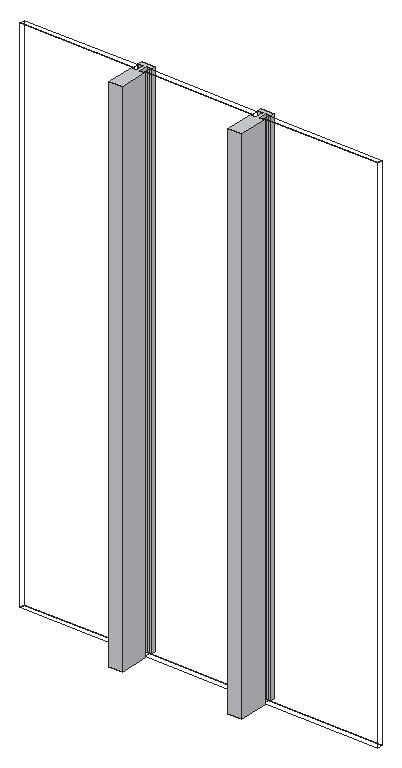
Revit family "Front Façade Window Panel", category Windows, Revit 2021
Family settings
  OmniClass Number = 23.30.20.00
  OmniClass Title = Windows
  Always vertical = Yes
  Cut with Voids When Loaded = No
  Shared = No
  Room Calculation Point = No
Parameters
  Panel Offset = 0' - 1 1/4"
Reference planes (in)
  plane 1 "Center (Front/Back)": y = 0
  plane 2: z = 0
  plane 3 "Center (Left/Right)": x = 0
  plane 4 "Left": x = -32.75106
  plane 5 "Right": x = 32.75106
  plane 6 "Top": z = 96
  plane 7: x = 10.91702
  plane 8: x = -10.91702
  plane 9: x = -11.91702
  plane 10: x = 11.91702
  plane 11: x = 9.91702
  plane 12: x = -9.91702
  plane 13 "Panel Offset": y = 1.25
Forms (in)
  Extrusion 1, solid, material "Glass, Clear Glazing"
    sketch origin (0, 1.25, 0) x (1, 0, 0) y (0, 0, 1)
      loop
        line (32.75106, 96) -> (11.91702, 96) -> (11.91702, 0) -> (32.75106, 0) -> (32.75106, 96)
      loop
        line (9.91702, 96) -> (-9.91702, 96) -> (-9.91702, 0) -> (9.91702, 0) -> (9.91702, 96)
      loop
        line (-11.91702, 96) -> (-32.75106, 96) -> (-32.75106, 0) -> (-11.91702, 0) -> (-11.91702, 96)
    from -0.5 to 0.5
  Sweep 2, solid
    path origin (0, 1.25, 0) x (1, 0, 0) y (0, 0, 1)
      loop
        line (10.91702, 96) -> (10.91702, 0)
    profile "Curtain Wall Mullion-Rectangular-Center : 2 1/2" x 7 1/2"" origin (10.91702, 1.25, 48) x (1, 0, 0) y (0, -1, 0)
      loop
        line (1.25, -1.5) -> (1.25, -0.75) -> (0.3125, -0.75) -> (0.3125, 0.75) -> (1.25, 0.75) -> (1.25, 6) -> (-1.25, 6) -> (-1.25, 0.75) -> (-0.3125, 0.75) -> (-0.3125, -0.75) -> (-1.25, -0.75) -> (-1.25, -1.5) -> (1.25, -1.5)
  Sweep 3, solid
    path origin (-21.83404, 1.25, 0) x (1, 0, 0) y (0, 0, 1)
      loop
        line (10.91702, 96) -> (10.91702, 0)
    profile "Curtain Wall Mullion-Rectangular-Center : 2 1/2" x 7 1/2"" origin (-10.91702, 1.25, 48) x (1, 0, 0) y (0, -1, 0)
      loop
        line (1.25, -1.5) -> (1.25, -0.75) -> (0.3125, -0.75) -> (0.3125, 0.75) -> (1.25, 0.75) -> (1.25, 6) -> (-1.25, 6) -> (-1.25, 0.75) -> (-0.3125, 0.75) -> (-0.3125, -0.75) -> (-1.25, -0.75) -> (-1.25, -1.5) -> (1.25, -1.5)
Text (in)
  text "Exterior" at (-65.12119, 31.38743, 0), in view "Ref. Level"
Dimensions and locks (in)
  equal spacing: plane 4 "Left", plane 3 "Center (Left/Right)", plane 5 "Right"
  equal spacing: plane 4 "Left", plane 8, plane 7, plane 5 "Right"
  locked: plane 7 to plane 10 at 1
  locked: plane 11 to plane 7 at 1
  locked: plane 9 to plane 8 at 1
  locked: plane 8 to plane 12 at 1
  "Panel Offset": plane 1 "Center (Front/Back)" to plane 13 "Panel Offset"
  aligned and locked: level to plane 2
  aligned and locked: Extrusion 1 sketch curve to plane 6 "Top"  (x3)
  aligned and locked: Extrusion 1 sketch curve to plane 5 "Right"
  aligned and locked: Extrusion 1 sketch curve to plane 2  (x3)
  aligned and locked: plane 10 to Extrusion 1 sketch curve
  aligned and locked: Extrusion 1 sketch curve to plane 11
  aligned and locked: plane 12 to Extrusion 1 sketch curve
  aligned and locked: Extrusion 1 sketch curve to plane 9
  aligned and locked: plane 4 "Left" to Extrusion 1 sketch curve
  aligned and locked: plane 7 to Sweep 2 sketch curve
  aligned and locked: plane 2 to Sweep 2 sketch curve
  aligned and locked: plane 6 "Top" to Sweep 2 sketch curve
  aligned and locked: Sweep 3 sketch curve to plane 8
  aligned and locked: level to Sweep 3 sketch curve
  aligned and locked: plane 6 "Top" to Sweep 3 sketch curve
